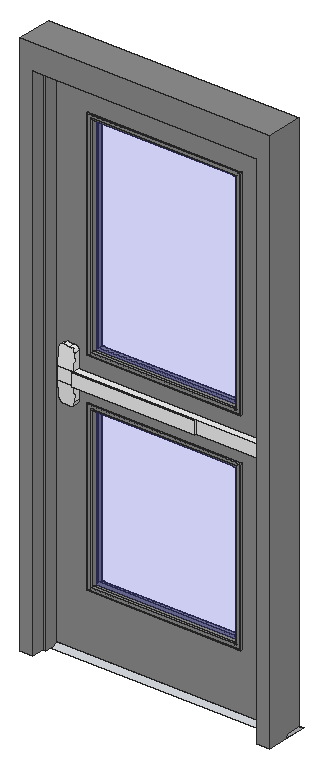
Revit family "9faeb52bfc514744940006099598ac1f", category Doors, host Wall, Revit 2021
Family settings
  Host = Wall
  OmniClass Number = 23.30.10.00
  OmniClass Title = Doors
  Always vertical = Yes
  Cut with Voids When Loaded = No
  Shared = No
  Room Calculation Point = No
Parameters
  Visual Light Transmittance = 0
  Top Rail = 6"
  Threshold Offset [instance] = if(Threshold, 1/2", 0")  # 1/2"
  Threshold Material = none
  Threshold Length [instance] = if(Masonry Frame, Width + 4", Width)  # 40"
  Thickness = 1 3/4"
  Thermal Resistance (R) = 1.3794 (h·ft²·°F)/BTU
  Swing Angle [instance] = 90.00°
  Strike Height = 40"
  Stiles = 6"
  Solar Heat Gain Coefficient = 0
  Rough Width [instance] = Width + MFOpeningWidth  # 40"
  Rough Height [instance] = Height + MFOpeningHeight  # 88"
  Panic Bar Material = Metal - Stainless Steel
  Panel Material = Metal - Painted - Grey
  Masonry Frame [instance] = yes
  MFOpeningHeight [instance] = if(Masonry Frame, 4", 1 1/4")  # 4"
  MFOpeningWidth [instance] = if(Masonry Frame, 4", 2 1/2")  # 4"
  Lock Rail = 7 1/2"
  Heat Transfer Coefficient (U) = 0.7250 BTU/(h·ft²·°F)
  Glass Thickness = 3/4"
  Glass Stop Material = Metal - Painted - Grey
  Function = Exterior
  Exterior Pull Material = Metal - Stainless Steel
  Inset Calculate [instance] = if(Masonry Frame, Masonry Inset + 3", 3")  # 4"
  Masonry Inset [instance] = 1"
  Height = 84"
  Wall Closure = By host
  Width = 36"
  Frame Material = Metal - Painted - Grey
  Masonry Frame Depth = 5 3/4"
  Threshold [instance] = yes
  Dry Wall Frame [instance] = not(Masonry Frame)  # no
  Bottom Rail = 10"
  Assembly Code = "B2030100"
  Analytic Construction = "Metal frame, double glass door"
Reference planes
  plane 1 "Center (Front/Back)": y = 0
  plane 2 "Center (Left/Right)": x = 0
  plane 3 "Left": x = -508
  plane 4 "Right": x = 508
  plane 5 "Top": z = 2235.2
  plane 6 "Exterior": y = 63.5
  plane 7 "Interior": y = -50.8
  plane 8 "Door Panel Right": x = -457.2
  plane 9 "Door Panel Left": x = 457.2
  plane 10 "Top Of Panel": z = 2133.6
  plane 11: z = 0
  plane 12 "Door Back": y = -6.35
  plane 13: z = 1016
  plane 14 "Door Front": y = 38.1
  plane 15: y = -107.95
  plane 16: y = -11.112
  plane 17: x = -441.325
  plane 18: y = -58.737
  plane 19: z = 2184.4
  plane 20: y = 139.7
  plane 21: z = 2184.4
  plane 22: x = 476.25
  plane 23: x = 527.05
  plane 24: y = 76.2
  plane 25: y = -63.5
  plane 26: x = 460.375
  plane 27: y = -11.113
  plane 28: y = -49.213
  plane 29: z = 1981.2
  plane 30: z = 1111.25
  plane 31: x = -304.8
  plane 32: x = 304.8
  plane 33: z = 920.75
  plane 34: z = 254
  plane 35: y = 6.35
  plane 36: y = 25.4
  plane 37 "Glass": y = 15.875
  plane 38: z = 12.7
  plane 39: x = -381
  plane 40: z = 1073.15
Forms (mm)
  Extrusion 1, solid, material "Metal - Painted - Grey" <- "Panel Material"
    sketch origin (0, 0, 0) x (1, 0, 0) y (0, 0, 1)
      loop
        line (457.2, 2133.6) -> (-457.2, 2133.6) -> (-457.2, 12.7) -> (457.2, 12.7) -> (457.2, 2133.6)
      loop
        line (304.8, 1981.2) -> (-304.8, 1981.2) -> (-304.8, 1111.25) -> (304.8, 1111.25) -> (304.8, 1981.2)
      loop
        line (304.8, 920.75) -> (-304.8, 920.75) -> (-304.8, 254) -> (304.8, 254) -> (304.8, 920.75)
    from -38.1 to 6.35
  Sweep 2, solid, material "Metal - Painted - Grey" <- "Frame Material", visible <- "Masonry Frame"
    path origin (0, 63.5, 0) x (1, 0, 0) y (0, 0, 1)
      loop
        line (508, 0) -> (508, 2184.4) -> (-508, 2184.4) -> (-508, 0)
    profile origin (-508, 63.5, 1092.2) x (0, -1, 0) y (1, 0, 0)
      loop
        line (25.4, 50.8) -> (25.4, 0) -> (171.45, 0) -> (171.45, 50.8) -> (122.237, 50.8) -> (122.237, 66.675) -> (74.612, 66.675) -> (74.612, 50.8) -> (25.4, 50.8)
  Extrusion 3, solid, material "Metal - Painted - Grey" <- "Frame Material", visible <- "Masonry Frame"
    sketch origin (0, 0, 0) x (0, 1, 0) y (0, 0, 1)
      loop
        line (38.1, 2235.2) -> (-107.95, 2235.2) -> (-107.95, 2184.4) -> (38.1, 2184.4) -> (38.1, 2235.2)
    from -508 to 508
  Sweep 4, solid, material "Metal - Painted - Grey" <- "Frame Material", visible <- "Dry Wall Frame"
    path origin (0, 63.5, 0) x (1, 0, 0) y (0, 0, 1)
      loop
        line (508, 0) -> (508, 2235.2) -> (-508, 2235.2) -> (-508, 0)
    profile origin (508, 63.5, 1117.6) x (-1, 0, 0) y (0, -1, 0)
      loop
        line (-19.05, -12.7) -> (31.75, -12.7) -> (31.75, 74.612) -> (47.625, 74.612) -> (47.625, 112.712) -> (31.75, 112.712) -> (31.75, 127) -> (-19.05, 127) -> (-19.05, 114.3) -> (0, 114.3) -> (0, 0) -> (-19.05, 0) -> (-19.05, -12.7)
  Extrusion 5, solid
    sketch origin (0, 63.5, 0) x (1, 0, 0) y (0, 0, 1)
      loop
        line (304.8, 1981.2) -> (-304.8, 1981.2) -> (-304.8, 1111.25) -> (304.8, 1111.25) -> (304.8, 1981.2)
      loop
        line (304.8, 920.75) -> (-304.8, 920.75) -> (-304.8, 254) -> (304.8, 254) -> (304.8, 920.75)
    from 38.1 to 57.15
  Sweep 6, solid, material "Metal - Painted - Grey" <- "Glass Stop Material", detail levels fine
    path origin (0, 38.1, 0) x (-1, 0, 0) y (0, 0, 1)
      loop
        line (-304.8, 1981.2) -> (-304.8, 1111.25) -> (304.8, 1111.25) -> (304.8, 1981.2) -> (-304.8, 1981.2)
    profile "Glazing Bead : Glazing Bead" origin (0, 38.1, 1981.2) x (0, 0, 1) y (0, 1, 0)
      loop
        line (0, 0) -> (8, 0) -> (8, 4)
        arc (8, 4) -> (7.414, 5.414) -> (6, 6) r 2
        line (6, 6) -> (-7, 6)
        arc (-7, 6) -> (-10.536, 4.536) -> (-12, 1) r 5
        line (-12, 1) -> (-12, -12.7) -> (0, -12.7) -> (0, 0)
  Sweep 7, solid, material "Metal - Painted - Grey" <- "Glass Stop Material", detail levels fine
    path origin (0, -6.35, 0) x (-1, 0, 0) y (0, 0, 1)
      loop
        line (-304.8, 1111.25) -> (304.8, 1111.25) -> (304.8, 1981.2) -> (-304.8, 1981.2) -> (-304.8, 1111.25)
    profile "Glazing Bead : Glazing Bead" origin (0, -6.35, 1111.25) x (0, 0, 1) y (0, 1, 0)
      loop
        line (0, 0) -> (-8, 0) -> (-8, -4)
        arc (-8, -4) -> (-7.414, -5.414) -> (-6, -6) r 2
        line (-6, -6) -> (7, -6)
        arc (7, -6) -> (10.536, -4.536) -> (12, -1) r 5
        line (12, -1) -> (12, 12.7) -> (0, 12.7) -> (0, 0)
  Sweep 8, solid, material "Metal - Painted - Grey" <- "Glass Stop Material", detail levels fine
    path origin (0, 38.1, 0) x (-1, 0, 0) y (0, 0, 1)
      loop
        line (-304.8, 920.75) -> (-304.8, 254) -> (304.8, 254) -> (304.8, 920.75) -> (-304.8, 920.75)
    profile "Glazing Bead : Glazing Bead" origin (0, 38.1, 920.75) x (0, 0, 1) y (0, 1, 0)
      loop
        line (0, 0) -> (8, 0) -> (8, 4)
        arc (8, 4) -> (7.414, 5.414) -> (6, 6) r 2
        line (6, 6) -> (-7, 6)
        arc (-7, 6) -> (-10.536, 4.536) -> (-12, 1) r 5
        line (-12, 1) -> (-12, -12.7) -> (0, -12.7) -> (0, 0)
  Sweep 9, solid, material "Metal - Painted - Grey" <- "Glass Stop Material", detail levels fine
    path origin (0, -6.35, 0) x (-1, 0, 0) y (0, 0, 1)
      loop
        line (304.8, 920.75) -> (-304.8, 920.75) -> (-304.8, 254) -> (304.8, 254) -> (304.8, 920.75)
    profile "Glazing Bead : Glazing Bead" origin (0, -6.35, 920.75) x (0, 0, -1) y (0, 1, 0)
      loop
        line (0, 0) -> (-8, 0) -> (-8, -4)
        arc (-8, -4) -> (-7.414, -5.414) -> (-6, -6) r 2
        line (-6, -6) -> (7, -6)
        arc (7, -6) -> (10.536, -4.536) -> (12, -1) r 5
        line (12, -1) -> (12, 12.7) -> (0, 12.7) -> (0, 0)
Cuts and joins
  joined: Sweep 2, Extrusion 3
Lines and regions (mm)
  Opening 1
    outline origin (-2286, -50.8, 0) x (1, 0, 0) y (0, 0, 1)
      loop
        line (1778, 0) -> (2794, 0) -> (2794, 2235.2) -> (1778, 2235.2) -> (1778, 0)
  Masking region 1, visible <- "Masonry Frame", detail levels coarse+medium
    outline origin (0, 0, 0) x (1, 0, 0) y (0, 1, 0)
      loop
        line (-508, 38.1) -> (-508, -107.95) -> (-457.2, -107.95) -> (-457.2, 38.1) -> (-508, 38.1)
      loop
        line (508, 38.1) -> (457.2, 38.1) -> (457.2, -107.95) -> (508, -107.95) -> (508, 38.1)
  Masking region 2, visible <- "Masonry Frame", detail levels fine
    outline origin (0, 0, 0) x (1, 0, 0) y (0, 1, 0)
      loop
        line (-508, 38.1) -> (-508, -107.95) -> (-457.2, -107.95) -> (-457.2, -58.738) -> (-441.325, -58.738) -> (-441.325, -11.113) -> (-457.2, -11.113) -> (-457.2, 38.1) -> (-508, 38.1)
      loop
        line (508, 38.1) -> (457.2, 38.1) -> (457.2, -11.113) -> (441.325, -11.113) -> (441.325, -58.738) -> (457.2, -58.738) -> (457.2, -107.95) -> (508, -107.95) -> (508, 38.1)
  Masking region 3, visible <- "Dry Wall Frame", detail levels coarse+medium
    outline origin (0, 0, 0) x (1, 0, 0) y (0, 1, 0)
      loop
        line (476.25, -50.8) -> (508, -50.8) -> (508, 63.5) -> (476.25, 63.5) -> (476.25, -50.8)
      loop
        line (-508, 63.5) -> (-508, -50.8) -> (-476.25, -50.8) -> (-476.25, 63.5) -> (-508, 63.5)
  Masking region 4, visible <- "Dry Wall Frame", detail levels fine
    outline origin (0, 0, 0) x (1, 0, 0) y (0, 1, 0)
      loop
        line (-527.05, 76.2) -> (-527.05, 63.5) -> (-508, 63.5) -> (-508, -50.8) -> (-527.05, -50.8) -> (-527.05, -63.5) -> (-476.25, -63.5) -> (-476.25, -49.213) -> (-460.375, -49.213) -> (-460.375, -11.113) -> (-476.25, -11.113) -> (-476.25, 76.2) -> (-527.05, 76.2)
      loop
        line (527.05, 63.5) -> (527.05, 76.2) -> (476.25, 76.2) -> (476.25, -11.113) -> (460.375, -11.113) -> (460.375, -49.213) -> (476.25, -49.213) -> (476.25, -63.5) -> (527.05, -63.5) -> (527.05, -50.8) -> (508, -50.8) -> (508, 63.5) -> (527.05, 63.5)
  symbolic lines, style "Elevation Swing"
    curve 1: line (-457.2, 63.5, 2133.6) -> (457.2, 63.5, 1073.15)
    curve 2: line (-457.2, 63.5, 12.7) -> (457.2, 63.5, 1073.15)
  symbolic lines, style "DoorsGlassProjection"
    curve 3: line (0, 15.875, 1981.2) -> (0, 15.875, 1111.25)
    curve 4: line (0, 15.875, 920.75) -> (0, 15.875, 254)
  model lines, style "DoorsGlassProjection"
    curve 5: line (304.8, 15.875, 1981.2) -> (304.8, 15.875, 1111.25)
    curve 6: line (-304.8, 15.875, 1981.2) -> (-304.8, 15.875, 1111.25)
    curve 7: line (304.8, 15.875, 920.75) -> (304.8, 15.875, 254)
    curve 8: line (-304.8, 15.875, 920.75) -> (-304.8, 15.875, 254)
Text (mm)
  text "Exterior" at (-1904.17, 693.701, 0), in view "Ref. Level"
  text "Interior" at (-1904.17, -638.649, 0), in view "Ref. Level"
  text "Exterior" at (0, 1019.848, 3124.603), in view "Right"
  text "Interior" at (0, -1635.541, 3124.603), in view "Right"
  text "Interior" at (0, -787.806, 3124.376), in view "Left"
  text "Exterior" at (0, 1386.095, 3124.376), in view "Left"
Dimensions and locks
  equal spacing: plane 3 "Left", plane 2 "Center (Left/Right)", plane 4 "Right"
  "Rough Height": level to plane 5 "Top"
  equal spacing: plane 8 "Door Panel Right", plane 2 "Center (Left/Right)", plane 9 "Door Panel Left"
  "Width": plane 8 "Door Panel Right" to plane 9 "Door Panel Left"
  "Height": level to plane 10 "Top Of Panel"
  "Rough Width": plane 3 "Left" to plane 4 "Right"
  "Thickness": plane 14 "Door Front" to plane 12 "Door Back"
  "Masonry Frame Depth": plane 14 "Door Front" to plane 15
  locked: plane 12 "Door Back" to plane 16 at 4.763
  locked: plane 15 to plane 18 at 49.213
  locked: plane 8 "Door Panel Right" to plane 17 at 15.875
  locked: plane 19 to plane 5 "Top" at 50.8
  locked: plane 6 "Exterior" to plane 20 at 76.2
  "Inset Calculate": plane 20 to plane 14 "Door Front"
  locked: plane 10 "Top Of Panel" to plane 21 at 50.8
  locked: plane 4 "Right" to plane 23 at 19.05
  locked: plane 6 "Exterior" to plane 24 at 12.7
  locked: plane 25 to plane 7 "Interior" at 12.7
  locked: plane 22 to plane 23 at 50.8
  plane 12 "Door Back" to plane 27 to plane 28 = 3/16" locked, 1 1/2" locked
  locked: plane 26 to plane 22 at 15.875
  "Strike Height": plane 11 to plane 13
  "Top Rail": plane 29 to plane 10 "Top Of Panel"
  "Stiles": plane 8 "Door Panel Right" to plane 31
  "Stiles": plane 32 to plane 9 "Door Panel Left"
  "Lock Rail": plane 33 to plane 30
  equal spacing: plane 33, plane 13, plane 30
  "Bottom Rail": plane 11 to plane 34
  equal spacing: plane 14 "Door Front", plane 37 "Glass", plane 12 "Door Back"
  plane 36 to plane 37 "Glass" to plane 35 = 3/8" locked, 3/8" locked
  "Threshold Offset": plane 11 to plane 38
  locked: plane 8 "Door Panel Right" to plane 39 at 76.2
  equal spacing: plane 10 "Top Of Panel", plane 40, plane 38
  equal spacing: Extrusion 5, plane 37 "Glass", Extrusion 5
  "Glass Thickness": Extrusion 5 to Extrusion 5
  aligned and locked: plane 3 "Left" to Opening 1 sketch curve
  aligned and locked: plane 5 "Top" to Opening 1 sketch curve  (x2)
  aligned and locked: Opening 1 sketch curve to plane 4 "Right"
  aligned and locked: Opening 1 sketch curve to level
  aligned and locked: plane 6 "Exterior" to host wall
  aligned and locked: plane 7 "Interior" to host wall
  aligned and locked: plane 11 to level
  aligned and locked: Extrusion 1 sketch curve to plane 10 "Top Of Panel"
  aligned and locked: Extrusion 1 sketch curve to plane 8 "Door Panel Right"
  aligned and locked: plane 9 "Door Panel Left" to Extrusion 1 sketch curve
  aligned and locked: Extrusion 1 to plane 12 "Door Back"
  aligned and locked: nested 1 to plane 9 "Door Panel Left"
  aligned and locked: nested 1 to plane 14 "Door Front"
  aligned and locked: Extrusion 1 to nested 1
  aligned and locked: Sweep 2 sketch curve to plane 3 "Left"  (x2)
  aligned and locked: plane 11 to Sweep 2 sketch curve  (x2)
  aligned and locked: plane 17 to Sweep 2 sketch curve
  aligned and locked: plane 8 "Door Panel Right" to Sweep 2 sketch curve  (x2)
  aligned and locked: plane 16 to Sweep 2 sketch curve
  aligned and locked: Sweep 2 sketch curve to plane 18
  aligned and locked: Sweep 2 sketch curve to plane 15
  aligned and locked: Sweep 2 sketch curve to plane 14 "Door Front"
  aligned and locked: Sweep 2 sketch curve to plane 4 "Right"
  aligned and locked: plane 5 "Top" to Extrusion 3 sketch curve
  aligned and locked: Extrusion 3 sketch curve to plane 15
  aligned and locked: Extrusion 3 sketch curve to plane 14 "Door Front"
  aligned and locked: plane 19 to Extrusion 3 sketch curve
  aligned and locked: cut or joined group of Sweep 2, Extrusion 3 to plane 4 "Right"
  aligned and locked: plane 3 "Left" to cut or joined group of Sweep 2, Extrusion 3
  aligned and locked: Masking region 1 sketch curve to plane 14 "Door Front"
  aligned and locked: plane 8 "Door Panel Right" to Masking region 1 sketch curve
  aligned and locked: Masking region 1 sketch curve to plane 15
  aligned and locked: Masking region 1 sketch curve to plane 3 "Left"
  aligned and locked: plane 14 "Door Front" to Masking region 1 sketch curve
  aligned and locked: Masking region 1 sketch curve to plane 4 "Right"
  aligned and locked: plane 9 "Door Panel Left" to Masking region 1 sketch curve
  aligned and locked: plane 15 to Masking region 1 sketch curve
  aligned and locked: Masking region 2 sketch curve to plane 3 "Left"
  aligned and locked: Masking region 2 sketch curve to plane 15
  aligned and locked: plane 8 "Door Panel Right" to Masking region 2 sketch curve  (x2)
  aligned and locked: Masking region 2 sketch curve to plane 14 "Door Front"
  aligned and locked: Masking region 2 sketch curve to cut or joined group of Sweep 2, Extrusion 3  (x4)
  aligned and locked: plane 14 "Door Front" to Masking region 2 sketch curve
  aligned and locked: Masking region 2 sketch curve to plane 4 "Right"
  aligned and locked: plane 9 "Door Panel Left" to Masking region 2 sketch curve  (x2)
  aligned and locked: plane 15 to Masking region 2 sketch curve
  aligned and locked: cut or joined group of Sweep 2, Extrusion 3 to Masking region 2 sketch curve  (x2)
  aligned and locked: plane 21 to Sweep 2 sketch curve
  aligned and locked: plane 4 "Right" to Sweep 4 sketch curve
  aligned and locked: Sweep 4 sketch curve to plane 3 "Left"
  aligned and locked: plane 23 to Sweep 4 sketch curve  (x2)
  aligned and locked: Sweep 4 sketch curve to plane 7 "Interior"
  aligned and locked: Sweep 4 sketch curve to plane 25
  aligned and locked: Sweep 4 sketch curve to plane 22  (x2)
  aligned and locked: Sweep 4 sketch curve to plane 28
  aligned and locked: plane 26 to Sweep 4 sketch curve
  aligned and locked: plane 27 to Sweep 4 sketch curve
  aligned and locked: Sweep 4 sketch curve to plane 24
  aligned and locked: plane 6 "Exterior" to Sweep 4 sketch curve
  aligned and locked: Sweep 4 sketch curve to plane 4 "Right"
  aligned and locked: plane 5 "Top" to Sweep 4 sketch curve
  aligned and locked: Masking region 3 sketch curve to plane 6 "Exterior"
  aligned and locked: plane 7 "Interior" to Masking region 3 sketch curve
  aligned and locked: Masking region 3 sketch curve to plane 4 "Right"
  aligned and locked: Masking region 3 sketch curve to Sweep 4  (x2)
  aligned and locked: plane 6 "Exterior" to Masking region 3 sketch curve
  aligned and locked: Masking region 3 sketch curve to plane 3 "Left"
  aligned and locked: Masking region 3 sketch curve to plane 7 "Interior"
  aligned and locked: Masking region 4 sketch curve to plane 3 "Left"
  aligned and locked: Masking region 4 sketch curve to Sweep 4  (x13)
  aligned and locked: Masking region 4 sketch curve to plane 6 "Exterior"
  aligned and locked: plane 7 "Interior" to Masking region 4 sketch curve
  aligned and locked: Masking region 4 sketch curve to plane 4 "Right"
  aligned and locked: Masking region 4 sketch curve to plane 7 "Interior"
  aligned and locked: Sweep 4 to Masking region 4 sketch curve  (x5)
  aligned and locked: plane 6 "Exterior" to Masking region 4 sketch curve
  aligned and locked: plane 11 to Sweep 4 sketch curve  (x2)
  aligned and locked: Extrusion 1 sketch curve to plane 29
  aligned and locked: Extrusion 1 sketch curve to plane 31
  aligned and locked: plane 30 to Extrusion 1 sketch curve
  aligned and locked: Extrusion 1 sketch curve to plane 32  (x2)
  aligned and locked: Extrusion 5 sketch curve to plane 31
  aligned and locked: Extrusion 5 sketch curve to plane 32  (x2)
  aligned and locked: Extrusion 5 sketch curve to plane 29
  aligned and locked: plane 30 to Extrusion 5 sketch curve
  aligned and locked: plane 30 to Sweep 6 sketch curve
  aligned and locked: Sweep 6 sketch curve to plane 31
  aligned and locked: Sweep 6 sketch curve to plane 29
  aligned and locked: Sweep 6 sketch curve to plane 32
  aligned and locked: Sweep 7 sketch curve to plane 29
  aligned and locked: plane 30 to Sweep 7 sketch curve
  aligned and locked: Sweep 7 sketch curve to plane 31
  aligned and locked: plane 32 to Sweep 7 sketch curve
  aligned and locked: plane 33 to Extrusion 1 sketch curve
  aligned and locked: plane 31 to Extrusion 1 sketch curve
  aligned and locked: Extrusion 1 sketch curve to plane 34
  aligned and locked: plane 33 to Extrusion 5 sketch curve
  aligned and locked: plane 31 to Extrusion 5 sketch curve
  aligned and locked: Extrusion 5 sketch curve to plane 34
  aligned and locked: plane 33 to Sweep 8 sketch curve
  aligned and locked: plane 31 to Sweep 8 sketch curve
  aligned and locked: Sweep 8 sketch curve to plane 34
  aligned and locked: Sweep 8 sketch curve to plane 32
  aligned and locked: plane 33 to Sweep 9 sketch curve
  aligned and locked: Sweep 9 sketch curve to plane 34
  aligned and locked: Sweep 9 sketch curve to plane 31
  aligned and locked: plane 32 to Sweep 9 sketch curve
  aligned and locked: plane 38 to Extrusion 1 sketch curve
  aligned and locked: plane 13 to nested 2
  aligned and locked: nested 2 to plane 39
  aligned and locked: nested 2 to plane 14 "Door Front"
  aligned and locked: plane 13 to nested 3
  aligned and locked: nested 3 to plane 12 "Door Back"
  aligned and locked: nested 3 to plane 39
  aligned and locked: Extrusion 1 to curve 1
  aligned and locked: plane 40 to curve 1
  aligned and locked: plane 8 "Door Panel Right" to curve 2
  aligned and locked: plane 38 to curve 2
  aligned and locked: curve 3 to plane 37 "Glass"
  aligned and locked: plane 30 to curve 3
  aligned and locked: plane 29 to curve 3
  aligned and locked: plane 34 to curve 4
  aligned and locked: plane 33 to curve 4
  aligned and locked: plane 37 "Glass" to curve 4
  aligned and locked: plane 29 to curve 6
  aligned and locked: plane 29 to curve 5
  aligned and locked: curve 5 to plane 32
  aligned and locked: curve 6 to plane 31
  aligned and locked: plane 30 to curve 5
  aligned and locked: plane 30 to curve 6
  aligned and locked: plane 33 to curve 7
  aligned and locked: plane 34 to curve 7
  aligned and locked: plane 32 to curve 7
  aligned and locked: plane 33 to curve 8
  aligned and locked: plane 34 to curve 8
  aligned and locked: plane 31 to curve 8
  aligned and locked: plane 37 "Glass" to nested 4
Automatic sketch dimensions
  plane 8 "Door Panel Right" to curve 1 = 0"
  curve 1 to plane 10 "Top Of Panel" = 0"
Nested families
  nested 1: "Door Swing-Single" at (457.2, 38.1, 0), Swing Angle <- "Swing Angle", type "Single"
    with Swing Visible yes, Swing Angle 90.00°, Actual Angle 90.00°, Width 36", Thickness 1 3/4"
  nested 2: "Exterior Pull" at (-381, 38.1, 1016), type "With Lock", detail levels fine
  nested 3: "Panic Bar" at (-349.25, -6.35, 1016), type "Standard", detail levels fine
  nested 4: "Threshold" at (0, 15.875, 0) x (0, 1, 0) z (0, 0, 1), visible <- "Threshold", type "Threshold"
    with Threshold Length 40", Panel Width 1 3/4"
Definition of nested family "Exterior Pull"
  Parameters (values of type "With Lock")
    Width = 3"
    Thickness = 1/2"
    Material = none
    Lock = yes
    Height = 14"
    Analytic Construction = "<None>"
  Types (2): name | Lock
    With Lock | yes
    Without Lock | no
  Reference planes
    plane 1 "Center (Front/Back)": y = 0
    plane 2: z = 0
    plane 3 "Center (Left/Right)": x = 0
    plane 4: z = -177.8
    plane 5: z = 177.8
    plane 6: x = 38.1
    plane 7: x = -38.1
    plane 8: z = 101.6
    plane 9: y = -6.35
    plane 10: y = 8.467
    plane 11: y = 12.7
    plane 12: y = 21.431
  Forms (mm)
    Extrusion 1, solid, material <- "Material"
      sketch origin (0, 0, 0) x (1, 0, 0) y (0, 0, 1)
        loop
          line (38.1, -177.8) -> (38.1, 177.8)
          arc (38.1, 177.8) -> (0, 186.335) -> (-38.1, 177.8) r 89.302
          line (-38.1, 177.8) -> (-38.1, -177.8)
          arc (-38.1, -177.8) -> (0, -186.335) -> (38.1, -177.8) r 89.302
      from -12.7 to 0
    Extrusion 2, solid, material <- "Material", visible <- "Lock"
      sketch origin (0, 0, 0) x (1, 0, 0) y (0, 0, 1)
        loop
          circle (0, 101.6) r 19
      from -21.431 to -12.7
    Sweep 3, solid, material <- "Material"
      path origin (0, 0, 0) x (0, 1, 0) y (0, 0, 1)
        loop
          line (12.7, 0) -> (38.1, 0)
          arc (38.1, 0) -> (47.08, -3.72) -> (50.8, -12.7) r 12.7
          line (50.8, -12.7) -> (50.8, -114.3)
          arc (50.8, -114.3) -> (47.08, -123.28) -> (38.1, -127) r 12.7
          line (38.1, -127) -> (12.7, -127)
      profile origin (0, 25.4, 0) x (0, 0, 1) y (1, 0, 0)
        loop
          line (-1.191, -10) -> (1.191, -10)
          arc (1.191, -10) -> (3.716, -8.954) -> (4.763, -6.428) r 3.572
          line (4.763, -6.428) -> (4.763, 6.428)
          arc (4.763, 6.428) -> (3.716, 8.954) -> (1.191, 10) r 3.572
          line (1.191, 10) -> (-1.191, 10)
          arc (-1.191, 10) -> (-3.716, 8.954) -> (-4.763, 6.428) r 3.572
          line (-4.763, 6.428) -> (-4.763, -6.428)
          arc (-4.763, -6.428) -> (-3.716, -8.954) -> (-1.191, -10) r 3.572
  Dimensions and locks
    equal spacing: plane 4, plane 2, plane 5
    "Height": plane 4 to plane 5
    equal spacing: plane 7, plane 3 "Center (Left/Right)", plane 6
    "Width": plane 7 to plane 6
    plane 8 to plane 5 = 3"
    plane 1 "Center (Front/Back)" to plane 9 = 1/4"
    "Thickness": plane 11 to plane 1 "Center (Front/Back)"
    locked: plane 12 to plane 11 at 8.731
    aligned and locked: plane 2 to level
    aligned and locked: Extrusion 1 sketch curve to plane 6
    aligned and locked: Extrusion 1 sketch curve to plane 7
    aligned and locked: plane 11 to Extrusion 1
    aligned and locked: plane 1 "Center (Front/Back)" to Extrusion 1
    aligned and locked: Extrusion 2 to plane 12
    aligned and locked: Extrusion 2 to plane 11
  Automatic sketch dimensions
    Extrusion 1 sketch curve to plane 3 "Center (Left/Right)" = 0"  (x2)
    Extrusion 1 sketch curve to plane 5 = 0"
    plane 4 to Extrusion 1 sketch curve = 3.17977"
    plane 5 to Extrusion 1 sketch curve = 3.17977"
    Extrusion 1 sketch curve to plane 4 = 0"
    Sweep 3 sketch curve to level = 0"
    Sweep 3 sketch curve to plane 1 "Center (Front/Back)" = 1/2"  (x2)
    plane 10 to Sweep 3 sketch curve = 1.16667"  (x2)
    Sweep 3 sketch curve to Sweep 3 sketch curve = 1/2"
    plane 4 to Sweep 3 sketch curve = 2 1/2"
    profile plane to Sweep 3 sketch curve = 3/16"
    profile plane to Sweep 3 sketch curve = 3/64"  (x2)
    Sweep 3 sketch curve to profile plane = 3/64"  (x2)
    Sweep 3 sketch curve to Sweep 3 sketch curve = 9/64"
    Sweep 3 sketch curve to plane 3 "Center (Left/Right)" = 0.3937"
    plane 3 "Center (Left/Right)" to Sweep 3 sketch curve = 0.25308"
    Extrusion 2 sketch curve to plane 3 "Center (Left/Right)" = 0"
    Extrusion 2 sketch curve to plane 8 = 0"
    radius of Extrusion 2 sketch curve = 0.74803"
Definition of nested family "Panic Bar"
  Parameters (values of type "Standard")
    Width = 0"
    Thickness = 0"
    Material = none
    Door Panel Width = 36"
    Overall Length = Door Panel Width - 4"  # 32"
    Height = 0"
    Analytic Construction = "<None>"
  Reference planes
    plane 1 "Center (Front/Back)": y = 0
    plane 2: z = 0
    plane 3 "Center (Left/Right)": x = 0
    plane 4: x = 749.3
    plane 5: x = -63.5
    plane 6: z = 107.95
    plane 7: z = 25.4
    plane 8: z = -25.4
    plane 9: x = 499.533
    plane 10: y = -31.75
    plane 11: y = -28.575
    plane 12: z = -107.95
    plane 13: y = -38.1
    plane 14: x = 249.767
    plane 15: x = -31.75
  Forms (mm)
    Extrusion 1, solid, material <- "Material"
      sketch origin (0, 0, 0) x (1, 0, 0) y (0, 0, 1)
        loop
          line (-44.45, -107.95) -> (-19.05, -107.95)
          arc (-19.05, -107.95) -> (-5.58, -102.37) -> (0, -88.9) r 19.05
          line (0, -88.9) -> (0, 88.9)
          arc (0, 88.9) -> (-5.58, 102.37) -> (-19.05, 107.95) r 19.05
          line (-19.05, 107.95) -> (-44.45, 107.95)
          arc (-44.45, 107.95) -> (-57.92, 102.37) -> (-63.5, 88.9) r 19.05
          line (-63.5, 88.9) -> (-63.5, -88.9)
          arc (-63.5, -88.9) -> (-57.92, -102.37) -> (-44.45, -107.95) r 19.05
      from 0 to 28.575
    Extrusion 2, solid, material <- "Material"
      sketch origin (0, 0, 0) x (1, 0, 0) y (0, 0, 1)
        loop
          line (-63.5, 25.4) -> (-63.5, -25.4) -> (749.3, -25.4) -> (749.3, 25.4) -> (-63.5, 25.4)
      from 0 to 31.75
    Extrusion 3, solid, material <- "Material"
      sketch origin (0, 0, 0) x (1, 0, 0) y (0, 0, 1)
        loop
          line (0, 25.4) -> (0, -25.4) -> (499.533, -25.4) -> (499.533, 25.4) -> (0, 25.4)
      from 31.75 to 38.1
    Extrusion 4, void
      sketch origin (0, 0, 0) x (0, 1, 0) y (0, 0, 1)
        loop
          line (-38.1, 107.95) -> (-38.1, 25.4) -> (-28.575, 25.4) -> (-22.062, 107.95) -> (-38.1, 107.95)
        loop
          line (-38.1, -107.95) -> (-22.062, -107.95) -> (-28.575, -25.4) -> (-38.1, -25.4) -> (-38.1, -107.95)
      from -63.5 to 0
  Cuts and joins
    Extrusion 4 cuts Extrusion 1
    Extrusion 4 cuts Extrusion 2
    joined: Extrusion 1, Extrusion 2
    Extrusion 4 cuts Extrusion 3
  Dimensions and locks
    equal spacing: plane 6, plane 2, plane 12
    locked: plane 6 to plane 12 at 215.9
    plane 1 "Center (Front/Back)" to plane 10 = 1 1/4"
    "Overall Length": plane 5 to plane 4
    plane 7 to plane 8 = 2"
    equal spacing: plane 7, level, plane 8
    plane 11 to plane 1 "Center (Front/Back)" = 1 1/8"
    locked: plane 13 to plane 10 at 6.35
    equal spacing: plane 4, plane 9, plane 14, plane 3 "Center (Left/Right)"
    locked: plane 3 "Center (Left/Right)" to plane 5 at 63.5
    equal spacing: plane 3 "Center (Left/Right)", plane 15, plane 5
    radius of Extrusion 1 sketch curve = 3/4"  (x4)
    aligned and locked: plane 2 to level
    aligned and locked: plane 4 to cut or joined group of Extrusion 1, Extrusion 2, Extrusion 4
    aligned and locked: plane 13 to Extrusion 3
    aligned and locked: Extrusion 1 to plane 1 "Center (Front/Back)"
    aligned and locked: Extrusion 2 to plane 1 "Center (Front/Back)"
    aligned and locked: cut or joined group of Extrusion 1, Extrusion 2, Extrusion 4 to plane 11
    aligned and locked: Extrusion 3 to plane 10
    aligned and locked: plane 10 to cut or joined group of Extrusion 1, Extrusion 2, Extrusion 4
    aligned and locked: plane 5 to Extrusion 2 sketch curve
    aligned and locked: Extrusion 4 to Extrusion 3
    aligned and locked: Extrusion 4 to plane 5
    aligned and locked: cut or joined group of Extrusion 3, Extrusion 4 to plane 3 "Center (Left/Right)"
  Automatic sketch dimensions
    Extrusion 3 sketch curve to plane 8 = 0"
    Extrusion 3 sketch curve to plane 7 = 0"
    Extrusion 3 sketch curve to plane 9 = 0"
    Extrusion 1 sketch curve to plane 5 = 0"
    Extrusion 1 sketch curve to plane 6 = 0"
    Extrusion 1 sketch curve to plane 12 = 0"
    Extrusion 1 sketch curve to plane 3 "Center (Left/Right)" = 3/4"
    Extrusion 2 sketch curve to plane 4 = 0"
    Extrusion 2 sketch curve to plane 8 = 0"
    Extrusion 2 sketch curve to plane 7 = 0"
    Extrusion 4 sketch curve to plane 6 = 0"
    Extrusion 4 sketch curve to plane 13 = 0"  (x2)
    plane 8 to Extrusion 4 sketch curve = 0"
    Extrusion 4 sketch curve to plane 7 = 0"
    Extrusion 4 sketch curve to plane 11 = 0"  (x2)
    plane 12 to Extrusion 4 sketch curve = 0"
    Extrusion 4 sketch curve to plane 11 = 0.25643"  (x2)
    plane 3 "Center (Left/Right)" to Extrusion 3 sketch curve = 0"
Definition of nested family "Threshold"
  Parameters (values of type "Threshold")
    Threshold Length = 72"
    Threshold Height = 1/2"
    Panel Width = 2"
    Material = none
    Analytic Construction = "<None>"
  Reference planes
    plane 1 "Center (Front/Back)": y = 0
    plane 2: z = 0
    plane 3 "Center (Left/Right)": x = 0
    plane 4: x = -50.8
    plane 5: x = 50.8
    plane 6: z = 12.7
    plane 7: x = -25.4
    plane 8: x = 25.4
    plane 9: y = 914.4
    plane 10: y = -914.4
  Forms (mm)
    Extrusion 1, solid, material <- "Material"
      sketch origin (0, 0, 0) x (1, 0, 0) y (0, 0, 1)
        loop
          line (-50.8, 0) -> (50.8, 0) -> (25.4, 12.7) -> (-25.4, 12.7) -> (-50.8, 0)
      from -914.4 to 914.4
  Dimensions and locks
    "Threshold Height": plane 6 to plane 2
    equal spacing: plane 8, plane 3 "Center (Left/Right)", plane 7
    "Panel Width": plane 8 to plane 7
    equal spacing: plane 9, plane 1 "Center (Front/Back)", plane 10
    "Threshold Length": plane 9 to plane 10
    locked: plane 7 to plane 4 at 25.4
    locked: plane 8 to plane 5 at 25.4
    aligned and locked: plane 2 to level
    aligned and locked: Extrusion 1 sketch curve to plane 6
    aligned and locked: Extrusion 1 sketch curve to plane 2
    aligned and locked: plane 5 to Extrusion 1 sketch curve
    aligned and locked: plane 7 to Extrusion 1 sketch curve
    aligned and locked: plane 8 to Extrusion 1 sketch curve
    aligned and locked: plane 9 to Extrusion 1
    aligned and locked: plane 10 to Extrusion 1
  Automatic sketch dimensions
    Extrusion 1 sketch curve to plane 4 = 0"
Definition of nested family "Door Swing-Single"
  Parameters
    Width = 32"
    Thickness = 1 3/8"
    Swing Visible [instance] = Swing Angle > 1.00°  # yes
    Swing Angle [instance] = 45.00°
    Assembly Code = ""
    Actual Angle [instance] = if(Swing Angle < 1.00°, 1.00°, Swing Angle)  # 45.00°
  Reference planes
    plane 1 "Center (Front/Back)": y = 0
    plane 2: z = 0
    plane 3 "Center (Left/Right)": x = 0
    plane 4: x = -812.8
  Lines and regions (mm)
    Masking region 1
      outline origin (0, 0, 0) x (-0.707107, 0.707107, 0) y (-0.707107, -0.707107, 0)
        loop
          line (0, 0) -> (812.8, 0) -> (812.8, 34.925) -> (0, 34.925) -> (0, 0)
    symbolic lines
      curve 1: line (0, 0, 0) -> (-812.8, 0, 0)
    symbolic lines, visible <- "Swing Visible"
      curve 2: arc (-812.8, 0, 0) -> (-750.929, 311.045, 0) -> (-574.736, 574.736, 0) r 812.8
    reference lines
      curve 3: line (0, 0, 0) -> (-574.736, 574.736, 0)
    model lines
      curve 4: line (0, 0, 0) -> (0, 0, 25.4)
  Dimensions and locks
    "Width": plane 4 to plane 3 "Center (Left/Right)"
    locked: curve 2 to plane 3 "Center (Left/Right)"
    locked: curve 2 to plane 1 "Center (Front/Back)"
    "Width": curve 3 to curve 3
    "Thickness": Masking region 1 sketch curve to Masking region 1 sketch curve
    locked: curve 4 to plane 2 at 25.4
    "Width": radius of curve 2
    "Actual Angle": angle curve 2 to curve 2
    "Swing Angle": angle curve 3 to plane 1 "Center (Front/Back)"
    aligned and locked: curve 1 to plane 1 "Center (Front/Back)"
    aligned and locked: plane 3 "Center (Left/Right)" to curve 1
    aligned and locked: plane 3 "Center (Left/Right)" to curve 3
    aligned and locked: plane 1 "Center (Front/Back)" to curve 3
    aligned and locked: curve 3 to Masking region 1 sketch curve
    aligned and locked: Masking region 1 sketch curve to curve 3  (x2)
    aligned and locked: plane 3 "Center (Left/Right)" to curve 4
    aligned and locked: plane 2 to curve 4
